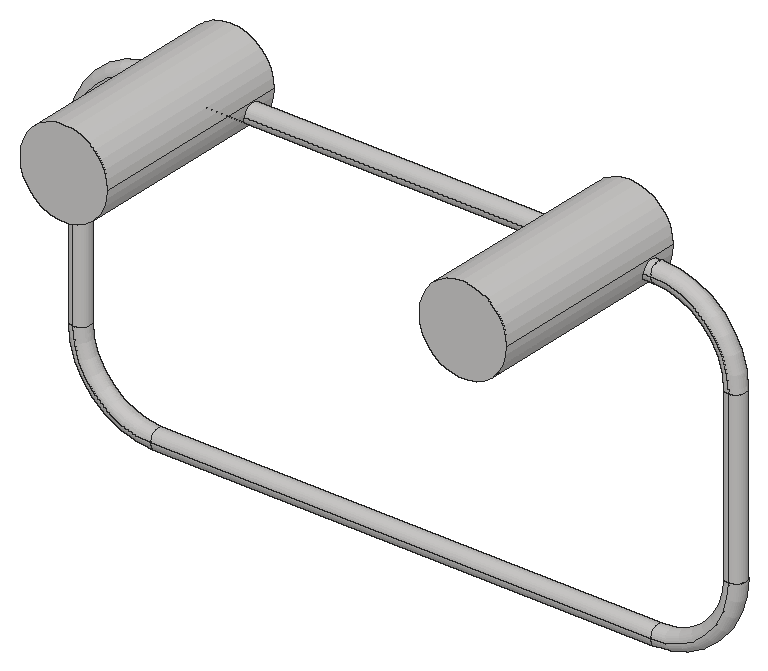
Revit family "SA-3104", category Plumbing Fixtures, Revit 2023
Family settings
  Round Connector Dimension = Use Diameter
  Part Type = Normal
  OmniClass Number = 23.45.00.00
  OmniClass Title = Sanitary, Laundry, and Cleaning Equipment
  Work Plane-Based = No
  Enable Cutting in Views = No
  Always vertical = Yes
  Cut with Voids When Loaded = No
  Maintain Annotation Orientation = No
  Shared = No
  Room Calculation Point = No
Parameters
  Default Elevation = 0"
Reference planes (in)
  plane 1 "Center (Front/Back)": y = 0
  plane 2: z = 0
  plane 3 "Center (Left/Right)": x = 0
  plane 4 "Center L/S": x = -2.28125
  plane 5 "Center L/T": x = 2.28125
  plane 6 "Center L/U": x = -3.84375
  plane 7 "Center L/V": x = 3.84375
  plane 8 "Center L/W": y = 3.9375
  plane 9: z = 0
  plane 10: z = 3.9375
  plane 11: y = 0.30905
  plane 12: y = -2.06595
Forms (in)
  Extrusion 1, solid, material "stainless steel"
    sketch origin (0, 0, 0) x (1, 0, 0) y (0, 0, 1)
      loop
        circle (-2.28125, 3.9375) r 0.5
    from -0.30905 to 2.06595
  Extrusion 2, solid, material "stainless steel"
    sketch origin (4.5625, 0, 0) x (1, 0, 0) y (0, 0, 1)
      loop
        circle (-2.28125, 3.9375) r 0.5
    from -0.30905 to 2.06595
  Sweep 3, solid, material "stainless steel"
    path origin (0.10016, 0, 0.11396) x (1, 0, 0) y (0, 0, 1)
      loop
        arc (-2.95509, 3.71464) -> (-3.58347, 3.45436) -> (-3.84375, 2.82598) r 0.88866
        line (-3.84375, 2.82598) -> (-3.84375, 0.88866)
        arc (-3.84375, 0.88866) -> (-3.58347, 0.26028) -> (-2.95509, 0) r 0.88866
        line (-2.95509, 0) -> (2.76166, 0)
        arc (2.76166, 0) -> (3.39004, 0.26028) -> (3.65033, 0.88866) r 0.88866
        line (3.65033, 0.88866) -> (3.65033, 2.82598)
        arc (3.65033, 2.82598) -> (3.39004, 3.45436) -> (2.76166, 3.71464) r 0.88866
        line (2.76166, 3.71464) -> (-2.95509, 3.71464)
    profile origin (0.00345, 0, 3.8286) x (0, 0, 1) y (0, -1, 0)
      loop
        circle (0, 0) r 0.1093
Dimensions and locks (in)
  plane 4 "Center L/S" to plane 5 "Center L/T" = 4 9/16"
  plane 6 "Center L/U" to plane 7 "Center L/V" = 7 11/16"  (x2)
  plane 5 "Center L/T" to plane 4 "Center L/S" = 4 9/16"
  plane 12 to plane 11 = 2 3/8"
  plane 5 "Center L/T" to plane 7 "Center L/V" = 1 9/16"
  plane 10 to level = 3 15/16"
  aligned and locked: level to plane 2
